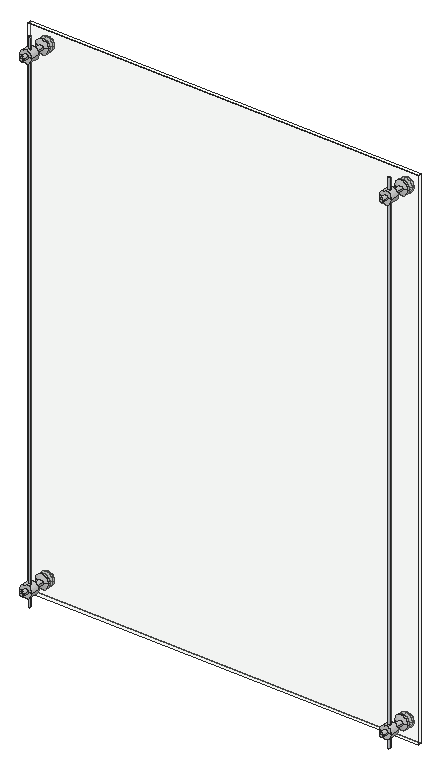
Revit family "Panel_Single Pane w Cable Connector_Exterior", category Curtain Panels, Revit 2024
Family settings
  OmniClass Number = 23.25.20.14.11.11.17
  OmniClass Title = Infill Panels
  Always vertical = Yes
  Cut with Voids When Loaded = No
  Shared = No
Parameters (values of type "Default")
  Thickness_Panel = 20 mm
  Radius_Cable = 5 mm
  Panel = _Default - Glass - Exterior Transparent
  Offset_OSF to CL Cable = 100 mm
  Offset_Left/Right Edge = 75 mm
  Offset_ Top/Bottom Edge = 75 mm
  EA_Repath [instance] = 0 mm
  Define Thermal Properties by = Schematic Type
  Analytic Construction = "<None>"
Reference planes
  plane 1 "Front": y = 0
  plane 2: z = 0
  plane 3 "Center (Left/Right)": x = 0
  plane 4 "Left": x = -933.477
  plane 5 "Right": x = 933.477
  plane 6 "Top": z = 2438.4
  plane 7: z = 75
  plane 8: z = 2363.4
  plane 9: x = 858.477
  plane 10: x = -858.477
  plane 11: y = -100
Forms (mm)
  Extrusion 1, solid, material "_Default - Glass - Exterior Transparent" <- "Panel"
    sketch origin (0, 0, 0) x (1, 0, 0) y (0, 0, 1)
      loop
        line (933.477, 2438.4) -> (-933.477, 2438.4) -> (-933.477, 0) -> (933.477, 0) -> (933.477, 2438.4)
    from 0 to 20
  Extrusion 2, solid
    sketch origin (0, 0, 0) x (1, 0, 0) y (0, 1, 0)
      loop
        circle (858.477, -100) r 5
      loop
        circle (-858.477, -100) r 5
    from 0 to 2438.4
Text (mm)
  text "Exterior" at (-1379.057, 797.241, 0), in view "Ref. Level"
  text "Exterior" at (12192, 1055.114, 2275.943), in view "Right"
  text "Exterior" at (-6096, 1468.734, 2687.031), in view "Left"
Dimensions and locks
  equal spacing: plane 4 "Left", plane 3 "Center (Left/Right)", plane 5 "Right"
  "Thickness_Panel": Extrusion 1 to plane 1 "Front"
  "Offset_ Top/Bottom Edge": plane 6 "Top" to plane 8
  "Offset_Left/Right Edge": plane 4 "Left" to plane 10
  "Offset_Left/Right Edge": plane 9 to plane 5 "Right"
  "Offset_ Top/Bottom Edge": plane 7 to plane 2
  "Offset_OSF to CL Cable": plane 11 to plane 1 "Front"
  "Radius_Cable": radius of Extrusion 2 sketch curve  (x2)
  aligned and locked: level to plane 2
  aligned and locked: Extrusion 1 sketch curve to plane 6 "Top"
  aligned and locked: Extrusion 1 sketch curve to plane 5 "Right"
  aligned and locked: plane 4 "Left" to Extrusion 1 sketch curve
  aligned and locked: nested 4 to plane 8
  aligned and locked: nested 3 to plane 7
  aligned and locked: plane 7 to nested 2
  aligned and locked: plane 10 to nested 2
  aligned and locked: plane 10 to nested 1
  aligned and locked: plane 9 to nested 3
  aligned and locked: plane 9 to nested 4
  aligned and locked: plane 8 to nested 1
  aligned and locked: nested 4 to Extrusion 1
  aligned and locked: Extrusion 1 to nested 1
  aligned and locked: nested 3 to Extrusion 1
  aligned and locked: Extrusion 1 to nested 2
  aligned and locked: Extrusion 2 to plane 2
  aligned and locked: Extrusion 2 to plane 6 "Top"
Automatic sketch dimensions
  Extrusion 1 sketch curve to level = 0 mm
  Extrusion 2 sketch curve to plane 10 = 0 mm
  Extrusion 2 sketch curve to plane 9 = 0 mm
  Extrusion 2 sketch curve to plane 11 = 0 mm  (x2)
Nested families
  nested 1: "Cutain Wall Panel _Cable Connector" at (-858.477, -20, 2363.4), type "Default"
  nested 2: "Cutain Wall Panel _Cable Connector" at (-858.477, -20, 75), type "Default"
  nested 3: "Cutain Wall Panel _Cable Connector" at (858.477, -20, 75) x (-1, 0, 0) z (0, 0, 1), type "Default"
  nested 4: "Cutain Wall Panel _Cable Connector" at (858.477, -20, 2363.4) x (-1, 0, 0) z (0, 0, 1), type "Default"
Definition of nested family "Cutain Wall Panel _Cable Connector"
  Parameters (values of type "Default")
    Thickness_Mullion Connection_Flange Taper = 9.525 mm
    Thickness_Mullion Connection_Flange = 19.05 mm
    Thickness_Glazing Connection_Flange Taper = 6.35 mm
    Thickness_Glazing Connection_Flange = 12.7 mm
    Thickness_Panel = 25.4 mm
    Radius_Mullion Connection_Shaft = 6.35 mm
    Radius_Mullion Connection_Flange = 25.4 mm
    Radius_Glazing Connection_Interior Shaft = 9.525 mm
    Radius_Glazing Connection_Flange = 31.75 mm
    Radius_Glazing Connection_Exterior Shaft = 6.35 mm
    Length_Mullion Connection_Shaft = 76.2 mm
    Length_Mullion Connection_Extension = 38.1 mm
    Length_Glazing Connection_Interior Shaft = 101.6 mm
    Length_Glazing Connection_Exterior Shaft = 50.8 mm
    Length_Glazing Connection_Extension = 25.4 mm
    Default Elevation = 0 mm
    Connector = none
    Assembly Code = ""
  Reference planes
    plane 1 "Center (Front/Back)": y = 0
    plane 2: z = 0
    plane 3 "Center (Left/Right)": x = 0
    plane 4: y = -101.6
  Forms (mm)
    Revolve 1, solid, material <- "Connector"
      sketch origin (0, 0, 0) x (1, 0, 0) y (0, 1, 0)
        loop
          line (0, 50.8) -> (0, -127) -> (9.525, -127) -> (9.525, -101.6) -> (28.575, -101.6) -> (28.575, -63.5) -> (9.525, -63.5) -> (9.525, -12.7) -> (31.75, -6.35) -> (31.75, 0) -> (6.35, 0) -> (6.35, 11.793) -> (31.75, 19.05) -> (31.75, 25.4) -> (6.35, 25.4) -> (6.35, 50.8) -> (0, 50.8)
        axis (0, 50.8) -> (0, -127)
      angle from 0 to 360
  Dimensions and locks
    "Radius_Glazing Connection_Interior Shaft": plane 3 "Center (Left/Right)" to Revolve 1 sketch curve
    "Radius_Glazing Connection_Exterior Shaft": plane 3 "Center (Left/Right)" to Revolve 1 sketch curve
    "Length_Glazing Connection_Exterior Shaft": plane 1 "Center (Front/Back)" to Revolve 1 sketch curve
    "Radius_Glazing Connection_Flange": plane 3 "Center (Left/Right)" to Revolve 1 sketch curve
    "Thickness_Glazing Connection_Flange": Revolve 1 sketch curve to plane 1 "Center (Front/Back)"
    "Thickness_Glazing Connection_Flange Taper": Revolve 1 sketch curve to plane 1 "Center (Front/Back)"
    "Length_Glazing Connection_Interior Shaft": plane 4 to plane 1 "Center (Front/Back)"
    "Length_Glazing Connection_Extension": Revolve 1 sketch curve to plane 4
    "Thickness_Panel": plane 1 "Center (Front/Back)" to Revolve 1 sketch curve
    aligned and locked: plane 1 "Center (Front/Back)" to Revolve 1 sketch curve
  Automatic sketch dimensions
    Revolve 1 sketch curve to plane 3 "Center (Left/Right)" = 0 mm  (x2)
    Revolve 1 sketch curve to plane 4 = 0 mm
    plane 3 "Center (Left/Right)" to Revolve 1 sketch curve = 6.35 mm
    Revolve 1 sketch curve to Revolve 1 sketch curve = 19.05 mm
    Revolve 1 sketch curve to Revolve 1 sketch curve = 0 mm
    Revolve 1 sketch curve to Revolve 1 sketch curve = 441.077 mm
    Revolve 1 sketch curve to Revolve 1 sketch curve = 38.1 mm
    Revolve 1 sketch curve to plane 1 "Center (Front/Back)" = 11.793 mm
    Revolve 1 sketch curve to Revolve 1 sketch curve = 6.35 mm
    Revolve 1 sketch curve to Revolve 1 sketch curve = 384.423 mm
    plane 3 "Center (Left/Right)" to Revolve 1 sketch curve = 9.525 mm
